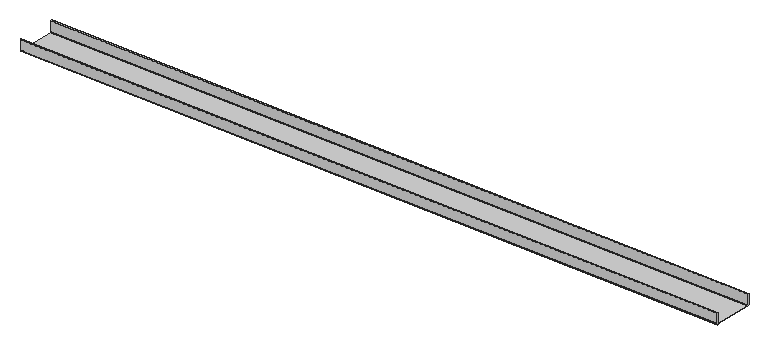
Revit family "3125a73e80ed4b6ea9cd4d3c34dbd6a7", category Structural Framing, Revit 2021
Family settings
  Structural Framing Length Roundoff = 0' - 0"
  Section Shape = Not Defined
  Material for Model Behavior = Steel
  Always export as geometry = No
  OmniClass Number = 23.25.30.11.14.14
  OmniClass Title = Beams
  Seek Item ID = Light Gauge-Runner Channels-0000-USA-ENU
  Always vertical = Yes
  Cut with Voids When Loaded = No
  Symbolic Representation = From Project Settings
  Shared = No
  Show family pre-cut in plan views = Yes
Parameters (values of type "RC2 11/16")
  t1 = if((t / 0.95 * 0' 1" / 1000) < 0' 0 1/32", 0' 0 1/32", (t / 0.95 * 0' 1" / 1000))  # 0' - 0 1/32"
  t = 20
  W = 0
  Structural Material [instance] = Metal - Light Gauge
  D = 0' - 0 3/4"
  B = 0' - 2 11/16"
  Assembly Code = "B10"
  Length [instance] = 5' - 0"
  A = 0.00 in²
Reference planes (in)
  plane 1 "Center (Front/Back)": y = 0
  plane 2: z = 0
  plane 3 "Center (Left/Right)": x = 0.0003
  plane 4 "Member Left": x = -23.8185
  plane 5 "Member Right": x = 24.1815
  plane 6 "Top": z = 0.75
  plane 7 "Left": x = -28.8185
  plane 8 "Right": x = 31.1815
  plane 9: y = -1.34375
  plane 10: y = 1.34375
Forms (in)
  Sweep 1, solid, material "Metal - Light Gauge" <- "Structural Material", detail levels medium
    path origin (0, 1.34436, 0) x (1, 0, 0) y (0, 1, 0)
      loop
        line (24.1815, -0.00061) -> (-23.8185, -0.00061)
    profile origin (0.1815, 1.34375, 0) x (0, -1, 0) y (0, 0, 1)
      loop
        line (0, 0.75) -> (0, 0) -> (2.6875, 0) -> (2.6875, 0.75) -> (2.65625, 0.75) -> (2.65625, 0.03125) -> (0.03125, 0.03125) -> (0.03125, 0.75) -> (0, 0.75)
  Sweep 2, solid, material "Metal - Light Gauge" <- "Structural Material", detail levels fine
    path origin (0, 1.34436, 0) x (1, 0, 0) y (0, 1, 0)
      loop
        line (24.1815, -0.00061) -> (-23.8185, -0.00061)
    profile origin (0.1815, 1.34375, 0) x (0, -1, 0) y (0, 0, 1)
      loop
        line (0, 0.75) -> (0, 0.0625)
        arc (0, 0.0625) -> (0.01831, 0.01831) -> (0.0625, 0) r 0.0625
        line (0.0625, 0) -> (2.625, 0)
        arc (2.625, 0) -> (2.66919, 0.01831) -> (2.6875, 0.0625) r 0.0625
        line (2.6875, 0.0625) -> (2.6875, 0.75) -> (2.65625, 0.75) -> (2.65625, 0.0625)
        arc (2.65625, 0.0625) -> (2.6471, 0.0404) -> (2.625, 0.03125) r 0.03125
        line (2.625, 0.03125) -> (0.0625, 0.03125)
        arc (0.0625, 0.03125) -> (0.0404, 0.0404) -> (0.03125, 0.0625) r 0.03125
        line (0.03125, 0.0625) -> (0.03125, 0.75) -> (0, 0.75)
Lines and regions (in)
  symbolic lines, style "Hidden Faces", detail levels medium+fine
    curve 1: line (-23.8185, 1.3125, 0) -> (24.1815, 1.3125, 0)
    curve 2: line (-23.8185, 0.1875, 0.03125) -> (24.1815, 0.1875, 0.03125)
    curve 3: line (-23.8185, -1.3125, 0) -> (24.1815, -1.3125, 0)
  symbolic lines, style "Stick Symbols", detail levels coarse
    curve 4: line (-28.8185, 1.34375, 0.75) -> (-28.8185, 1.34375, 0)
    curve 5: line (-28.8185, 1.34375, 0) -> (-28.8185, -1.34375, 0)
    curve 6: line (-28.8185, -1.34375, 0) -> (-28.8185, -1.34375, 0.75)
Dimensions and locks (in)
  "Length": plane 7 "Left" to plane 8 "Right"
  "D": level to plane 6 "Top"
  "B": plane 10 to plane 9
  equal spacing: plane 10, plane 1 "Center (Front/Back)", plane 9
  "t1": Sweep 1 sketch curve to Sweep 1 sketch curve  (x3)
  "t1": Sweep 2 sketch curve to Sweep 2 sketch curve  (x3)
  aligned and locked: Sweep 1 sketch curve to level
  aligned and locked: plane 9 to Sweep 1 sketch curve
  aligned and locked: Sweep 1 sketch curve to plane 6 "Top"
  aligned and locked: plane 6 "Top" to Sweep 1 sketch curve  (x3)
  aligned and locked: plane 9 to Sweep 1
  aligned and locked: Sweep 1 to level
  aligned and locked: curve 3 to Sweep 1
  aligned and locked: Sweep 1 to plane 10
  aligned and locked: Sweep 1 sketch curve to plane 10
  aligned and locked: Sweep 1 to Sweep 1
  aligned and locked: plane 9 to curve 6
  aligned and locked: curve 2 to Sweep 1
  aligned and locked: Sweep 2 to Sweep 2
  aligned and locked: Sweep 2 sketch curve to plane 10
  aligned and locked: Sweep 2 sketch curve to level
  aligned and locked: plane 9 to Sweep 2 sketch curve
  aligned and locked: plane 6 "Top" to Sweep 2 sketch curve
  aligned and locked: Sweep 2 sketch curve to plane 6 "Top"
  aligned and locked: plane 4 "Member Left" to Sweep 2 sketch curve
  aligned and locked: plane 5 "Member Right" to Sweep 2 sketch curve
  aligned and locked: plane 4 "Member Left" to Sweep 1 sketch curve
  aligned and locked: plane 5 "Member Right" to Sweep 1 sketch curve
  aligned and locked: plane 4 "Member Left" to curve 1
  aligned and locked: plane 4 "Member Left" to curve 3
  aligned and locked: plane 5 "Member Right" to curve 1
  aligned and locked: plane 5 "Member Right" to curve 3
  aligned and locked: plane 4 "Member Left" to curve 2
  aligned and locked: plane 5 "Member Right" to curve 2
Automatic sketch dimensions
  curve 4 to level = 0' - 0"
  curve 6 to plane 6 "Top" = 0' - 0"
  curve 4 to plane 6 "Top" = 0' - 0"
  curve 4 to plane 1 "Center (Front/Back)" = 0' - 1 11/32"
  Sweep 1 sketch curve to plane 1 "Center (Front/Back)" = 0' - 1 11/32"
  plane 10 to curve 1 = 0' - 0 1/32"
  Sweep 2 sketch curve to plane 10 = 0' - 0"
  Sweep 2 sketch curve to Sweep 2 sketch curve = 0' - 0 1/32"  (x2)
  Sweep 2 sketch curve to Sweep 2 sketch curve = 0' - 0"  (x2)
